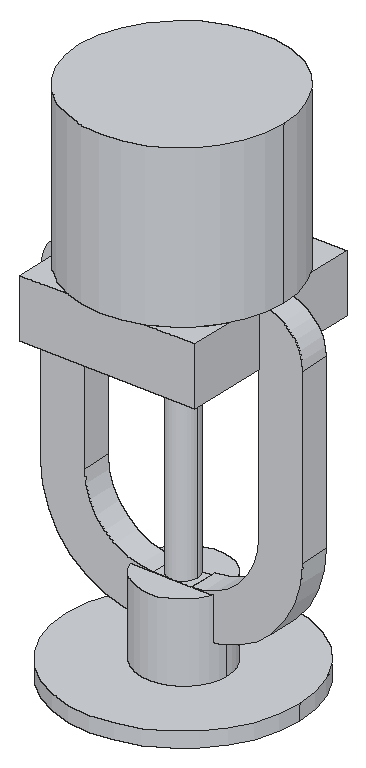
Revit family
Parameters (values of type "RASCO F1FR56-300 PENDENT")
  Temperature Rating = 135 °F
  Response = 1
  RASCO SIN # = "RA2614"
  RASCO Part # = "F1FR56P0C3"
  Pressure Rating = "300 PSI"
  Pressure Class = 1
  Orifice Size = 1/2"
  Orifice = (empty or 0)
  Model = "F1FR56-300"
  Manufacturer = "RASCO"
  K-Factor = 5.6
  Description = "Chrome Finish"
  Coverage = (empty or 0)
Reference planes (in)
  plane 1 "Center (Front/Back)": y = 0
  plane 2: z = 0
  plane 3 "Center (Left/Right)": x = 0
Dimensions and locks (in)
  aligned and locked: plane 2 to level
Nested families (in)
  nested 1: "F1FR56P0C3" at (-0.0113, 0, 2.4375) x (-1, 0, 0) z (0, 0, -1), type "RASCO F1FR56-300 PENDENT"
Connectors (in)
  piping at (-0.0113, 0, 2.4375)
    settings: on nested 1, index 1, connector radius 115/256", flow factor 0, pipe flow 0 GPM, pressure drop 0.00 psi, fitting loss kfactor 0, connector angle 0.00°, fixture units 0, flow configuration 0, flow direction 0, fitting loss method 0, system type 7, connector reference index -1, connector utility 0, adjustable connector no, is connector primary yes, fitting loss table "", connector description ""
Definition of nested family "F1FR56P0C3"
  Parameters (values of type "RASCO F1FR56-300 PENDENT")
    Type Comments = ""
    Temperature Rating = 0 °F
    Response = (empty or 0)
    Pressure Rating = "0"
    Pressure Class = (empty or 0)
    Orifice Size = 0"
    Orifice = (empty or 0)
    Model = ""
    Manufacturer = ""
    K-Factor = 0
    Description = ""
    Coverage = (empty or 0)
    Assembly Code = ""
  Reference planes (in)
    plane 1 "Center (Front/Back)": y = 0
    plane 2: z = 0
    plane 3 "ref.2": z = 0.6875
    plane 4 "ref.3": z = 0.9375
    plane 5: x = -0.38065
    plane 6: x = 0.36935
    plane 7 "ref. side 1": y = 0.06402
    plane 8 "ref. side 2": y = -0.06098
    plane 9 "ref.4": z = 1.875
    plane 10 "ref.5": z = 2.3125
    plane 11 "ref.6": z = 2.4375
  Forms (in)
    Extrusion 1, solid
      sketch origin (0, 0, 0) x (1, 0, 0) y (0, 1, 0)
        loop
          circle (0, 0) r 0.4379
      from 0 to 0.6875
    Extrusion 2, solid
      sketch origin (-0.12185, 0.05177, 0.6875) x (1, 0, 0) y (0, 1, 0)
        loop
          line (-0.2588, 0.356) -> (-0.2588, -0.4565) -> (0.4912, -0.4565) -> (0.4912, 0.356) -> (-0.2588, 0.356)
      from 0 to 0.25
    Extrusion 3, solid
      sketch origin (0, 0, 0) x (1, 0, 0) y (0, 0, 1)
        loop
          line (-0.38065, 0.68754) -> (-0.38065, 1.58397)
          arc (-0.38065, 1.58397) -> (-0.29541, 1.78976) -> (-0.08962, 1.875) r 0.29103
          line (-0.08962, 1.875) -> (0.07524, 1.875)
          arc (0.07524, 1.875) -> (0.28321, 1.78886) -> (0.36935, 1.58089) r 0.29411
          line (0.36935, 1.58089) -> (0.36935, 0.68751)
          arc (0.36935, 0.68751) -> (0.50207, 0.74393) -> (0.55685, 0.87734) r 0.18984
          line (0.55685, 0.87734) -> (0.55685, 1.61676)
          arc (0.55685, 1.61676) -> (0.42629, 1.93194) -> (0.11111, 2.0625) r 0.44574
          line (0.11111, 2.0625) -> (-0.12259, 2.0625)
          arc (-0.12259, 2.0625) -> (-0.43765, 1.932) -> (-0.56815, 1.61694) r 0.44556
          line (-0.56815, 1.61694) -> (-0.56815, 0.87876)
          arc (-0.56815, 0.87876) -> (-0.51345, 0.74486) -> (-0.38065, 0.68754) r 0.19126
      from -0.06402 to 0.06098
    Extrusion 4, solid
      sketch origin (0, 0, 0.9375) x (-1, 0, 0) y (0, -1, 0)
        loop
          circle (0.00574, -0.00152) r 0.0625
      from 0 to 0.9375
    Extrusion 5, solid
      sketch origin (0, 0, 1.875) x (-1, 0, 0) y (0, -1, 0)
        loop
          circle (0.00574, -0.00152) r 0.1875
      from 0 to 0.4375
    Extrusion 6, solid
      sketch origin (0, 0, 2.3125) x (0, -1, 0) y (1, 0, 0)
        loop
          circle (-0.00152, -0.00574) r 0.5
      from -0.10531 to -0.03987
  Cuts and joins
    joined: Extrusion 1, Extrusion 2, Extrusion 4
  Lines and regions (in)
    model lines
      curve 1: line (-0.00574, 0.06402, 1.875) -> (-0.00574, -0.06098, 1.875)
